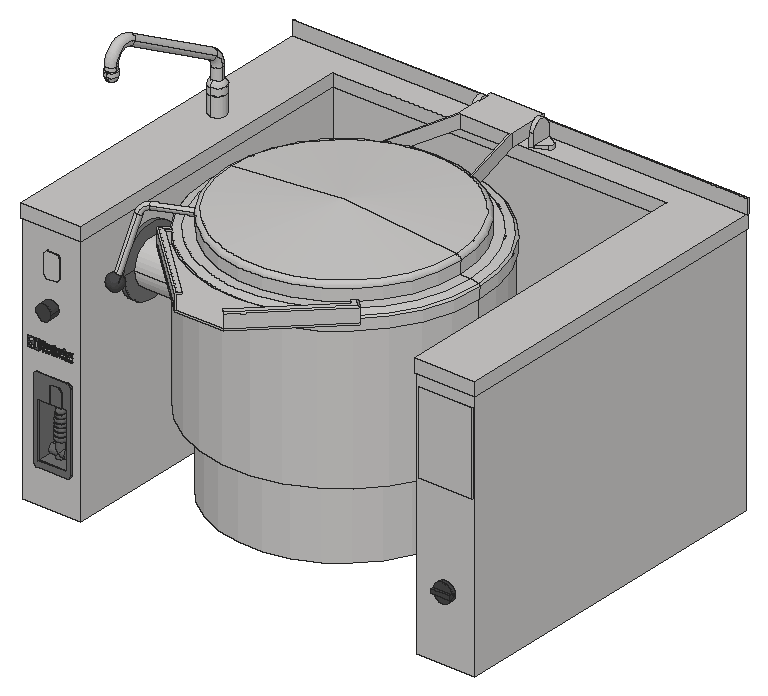
Revit family "QF_ELECTROLUXPROFESSIONAL_586940_PBOT10ELES", category Specialty Equipment, Revit 2018
Family settings
  Round Connector Dimension = Use Radius
  Part Type = Normal
  Work Plane-Based = No
  Always vertical = Yes
  Cut with Voids When Loaded = No
  Shared = Yes
  Room Calculation Point = No
Parameters (values of type "Standard")
  Weight = 180.00 kg
  Watts = 0 W
  Volts = 400 V
  URL Manufacturer = "http://professional.electrolux.com"
  URL = "http://professional.electrolux.com"
  Tilt Clearance [instance] = 1124 mm
  Steam Supply Size = 0"
  Steam Supply Minimum Pressure = 0.00 psi
  Steam Supply Maximum Pressure = 0.00 psi
  Steam Pounds per Hour = 0
  Show Logo [instance] = yes
  Refrigeration Suction Line Size = 0"
  Refrigeration Liquid Line Size = 0"
  Refrigerant Compressor Remote = yes
  Plinth Base Finish [instance] = QF_Finishes_Concrete
  Plinth Base [instance] = not(Base Height = 500 mm)  # yes
  Phase = 3
  Length Actual = 1200 mm  # constant formula
  Item Number = "586940"
  Hot Water Size = 1/2"
  Height Actual = 700 mm  # constant formula
  HP = "24.4 HP"
  Gas Size = 0"
  Gas KW = 0
  Gas Input Pressure = 0.0 Btu/h
  Direct Waste Size = 0"
  Depth Actual = 900 mm  # constant formula
  Cycle = 50 Hz
  Condensate Return Size = 0"
  Compressed Air Volume = 0 GPM
  Compressed Air Size = 0"
  Compressed Air Pressure = 0.00 psi
  Cold Water Size = 1/2"
  Assembly Code = ""
  Open Clearance [instance] = 856 mm
  Model = "PBOT10ELES"
  Manufacturer = "Electrolux Professional"
  Description = "EL. BOILING PAN,TILTING,AUTO H/C WATER FILL INLET,SPRAY GUN, 100L,H700,BS,FS,D900,REAR CLS KIT,GUID.COOK.S"
  Bracket [instance] = Base Height = 500 mm  # no
  Body Finish [instance] = QF_Finishes_Stainless Steel
  Base Height = 200 mm
  Show Clearance [instance] = yes
  Accessory = yes
Reference planes
  plane 1 "BACK": y = 100
  plane 2: z = 0
  plane 3 "LEFT": x = 0
  plane 4 "RIGHT": x = 1200
  plane 5 "FRONT": y = -800
  plane 6 "TOP": z = 900
  plane 7: z = 200
  plane 8 "Center": x = 600
  plane 9: z = 1756
  plane 10: y = -960
  plane 11 "Vessel X axis": y = -483
  plane 12: x = 280
  plane 13: y = -580
  plane 14: x = 280
  plane 15: through (0, 114.006, 947.95) normal (0, 0.281, -0.9597)
  plane 16: z = 505
  plane 17 "Top Level": z = 981
  plane 18: y = -1024
Forms (mm)
  Extrusion 1, solid, material "QF_Finishes_Stainless Steel" <- "Body Finish"
    sketch origin (0, 0, 900) x (-1, 0, 0) y (0, -1, 0)
      loop
        line (0, -100) -> (0, 800) -> (-160, 800) -> (-160, -31.55) -> (-1040, -31.55) -> (-1040, 800) -> (-1200, 800) -> (-1200, -100) -> (0, -100)
    from -35 to 0
  Extrusion 2, solid, material "QF_Finishes_Stainless Steel" <- "Body Finish"
    sketch origin (0, 0, 900) x (-1, 0, 0) y (0, -1, 0)
      loop
        line (-535, 960) -> (-665, 960) -> (-868.236, 765.434) -> (-847.007, 744.205)
        arc (-847.007, 744.205) -> (-600, 842.5) -> (-352.993, 744.205) r 359.5
        line (-352.993, 744.205) -> (-331.764, 765.434) -> (-535, 960)
    from 1.223 to 5.898
  Revolve 3, solid, material "QF_Finishes_Stainless Steel" <- "Body Finish"
    sketch origin (0, 50.89, 727.5) x (-1, 0, 0) y (0, -1, 0)
      loop
        line (-170, 573.89) -> (-170, 540.89) -> (-157, 540.89) -> (-157, 630.89) -> (-1043, 630.89) -> (-1043, 540.89) -> (-1030, 540.89) -> (-1030, 573.89) -> (-170, 573.89)
      axis (-1043, 630.89) -> (-157, 630.89)
    angle from 0 to 360
  Extrusion 4, solid, material "QF_Finishes_Stainless Steel" <- "Body Finish"
    sketch origin (0, 100, 0) x (1, 0, 0) y (0, 0, 1)
      loop
        circle (1120, 450) r 10
    from 3 to 0
  Extrusion 5, solid, material "QF_Finishes_Stainless Steel" <- "Body Finish"
    sketch origin (600, 0, 0) x (0, 1, 0) y (0, 0, 1)
      loop
        line (89, 900) -> (89, 935.1)
        arc (89, 935.1) -> (65, 959.1) -> (41, 935.1) r 24
        line (41, 935.1) -> (41, 900) -> (89, 900)
    from 69.2 to 82.1
  Revolve 6, solid, material "QF_Finishes_Stainless Steel" <- "Body Finish"
    sketch origin (0, -483, 0) x (-1, 0, 0) y (0, 0, 1)
      loop
        line (-600, 981) -> (-600, 912.336) -> (-291.999, 912.336) -> (-291.999, 943.013)
        arc (-291.999, 943.013) -> (-295.325, 951.663) -> (-303.589, 955.857) r 12.912
        arc (-303.589, 955.857) -> (-451.457, 972.404) -> (-600, 981) r 2774.321
      axis (-600, 981) -> (-600, 912.336)
    angle from 0 to 360
  Sweep 7, solid, material "QF_Finishes_Stainless Steel" <- "Body Finish"
    path in 3D
      loop
        line (665, -960, 905.898) -> (868.236, -765.434, 905.898) -> (847.007, -744.205, 905.898)
    profile origin (766.618, -862.717, 905.898) x (-0.691532, 0.722346, 0) y (0, 0, 1)
      loop
        line (0, 0) -> (2.5, 0) -> (2.5, 35.781)
        arc (2.5, 35.781) -> (3.003, 36.997) -> (4.219, 37.5) r 1.719
        line (4.219, 37.5) -> (15.312, 37.5) -> (15.312, 40) -> (4.052, 40)
        arc (4.052, 40) -> (1.187, 38.813) -> (0, 35.948) r 4.052
        line (0, 35.948) -> (0, 0)
  Extrusion 8, solid, material "QF_Finishes_Stainless Steel" <- "Body Finish"
    sketch origin (0, 100, 0) x (1, 0, 0) y (0, 0, 1)
      loop
        line (157, 865) -> (157, 500) -> (1043, 500) -> (1043, 865) -> (157, 865)
    from 3 to 65.418
  Extrusion 9, solid, material "QF_Finishes_Stainless Steel" <- "Body Finish"
    sketch origin (600, 0, 0) x (0, 1, 0) y (0, 0, 1)
      loop
        line (89, 900) -> (89, 935.1)
        arc (89, 935.1) -> (65, 959.1) -> (41, 935.1) r 24
        line (41, 935.1) -> (41, 900) -> (89, 900)
    from -82.1 to -69.2
  Extrusion 10, solid, material "QF_Finishes_Stainless Steel" <- "Body Finish"
    sketch origin (600, -4572, 981) x (0, -1, 0) y (-1, 0, 0)
      loop
        line (-4551, 64.871) -> (-4315.558, 127.227) -> (-4309.255, 132.754) -> (-4555.565, 69.2) -> (-4661, 69.2) -> (-4661, -69.2) -> (-4555.565, -69.2) -> (-4309.255, -132.754) -> (-4315.558, -127.227) -> (-4551, -64.871) -> (-4551, 64.871)
    from 25.143 to 59.002
  Sweep 11, solid, material "QF_Finishes_Stainless Steel" <- "Body Finish"
    path in 3D
      loop
        line (352.993, -744.205, 905.898) -> (331.764, -765.434, 905.898) -> (535, -960, 905.898)
    profile origin (433.382, -862.717, 905.898) x (0.691532, 0.722346, 0) y (0, 0, 1)
      loop
        line (0, 0) -> (2.5, 0) -> (2.5, 35.781)
        arc (2.5, 35.781) -> (3.003, 36.997) -> (4.219, 37.5) r 1.719
        line (4.219, 37.5) -> (15.313, 37.5) -> (15.313, 40) -> (4.052, 40)
        arc (4.052, 40) -> (1.187, 38.813) -> (0, 35.948) r 4.052
        line (0, 35.948) -> (0, 0)
  Extrusion 12, solid, material "QF_Finishes_Stainless Steel" <- "Body Finish"
    sketch origin (0, 0, 900) x (-1, 0, 0) y (0, -1, 0)
      loop
        arc (-708.472, -55.346) -> (-714.2, -65) -> (-708.472, -74.654) r 11
        line (-708.472, -74.654) -> (-682.1, -89.055) -> (-682.1, -40.945) -> (-708.472, -55.346)
      loop
        line (-491.528, -55.346) -> (-517.9, -40.945) -> (-517.9, -89.055) -> (-491.528, -74.654)
        arc (-491.528, -74.654) -> (-485.8, -65) -> (-491.528, -55.346) r 11
    from 0 to 8
  Revolve 13, solid, material "QF_Finishes_Stainless Steel" <- "Body Finish"
    sketch origin (0, -483, 0) x (-1, 0, 0) y (0, 0, 1)
      loop
        line (-600, 910.898) -> (-600, 280.154)
        arc (-600, 280.154) -> (-445.668, 285.184) -> (-291.5, 293.903) r 6458.267
        line (-291.5, 293.903) -> (-291.5, 495) -> (-245.5, 495) -> (-245.5, 870.866) -> (-240.5, 870.866) -> (-240.5, 899.23) -> (-244.882, 905.093) -> (-265.728, 910.898) -> (-600, 910.898)
      axis (-600, 910.898) -> (-600, 280.154)
    angle from 0 to 360
  Extrusion 14, solid, material "QF_Finishes_Stainless Steel" <- "Body Finish"
    sketch origin (1100, -797, 0) x (-1, 0, 0) y (0, 0, -1)
      loop
        line (50, -833.989) -> (50, -618.989) -> (-91.535, -618.989) -> (-91.535, -833.989) -> (50, -833.989)
      loop
        line (1029.661, -812.084) -> (1036.975, -804.77) -> (1036.975, -754.399) -> (1029.661, -747.084) -> (1004.29, -747.084) -> (996.975, -754.399) -> (996.975, -804.77) -> (1004.29, -812.084) -> (1029.661, -812.084)
    from 0 to 3
  Extrusion 15, solid, material "QF_Finishes_Black"
    sketch origin (1200, -797, -30) x (-1, 0, 0) y (0, 0, -1)
      loop
        circle (80.286, -405.28) r 25
    from 0 to 10.306
  Extrusion 16, solid, material "QF_Finishes_Black"
    sketch origin (1200, -797, -30) x (-1, 0, 0) y (0, 0, -1)
      loop
        arc (104.667, -410.806) -> (105.286, -405.28) -> (104.667, -399.753) r 25
        line (104.667, -399.753) -> (55.904, -399.753)
        arc (55.904, -399.753) -> (55.286, -405.28) -> (55.904, -410.806) r 25
        line (55.904, -410.806) -> (104.667, -410.806)
    from 0 to 18.276
  Extrusion 17, solid, material "QF_Finishes_Black"
    sketch origin (160, -797, 0) x (-1, 0, 0) y (0, 0, -1)
      loop
        circle (80.781, -678.5) r 20
    from 0 to 25
  Extrusion 18, solid, material "QF_Finishes_Stainless Steel" <- "Body Finish", visible <- "Bracket"
    sketch origin (0, 37, -14) x (0, 1, 0) y (0, 0, 1)
      loop
        line (60, 514) -> (-140, 514) -> (-140, 450) -> (-76.36, 386.36) -> (60, 386.36) -> (60, 514)
    from 25.741 to 134.773
  Extrusion 19, solid, material "QF_Finishes_Stainless Steel" <- "Body Finish", visible <- "Bracket"
    sketch origin (1200, 0, 0) x (0, 1, 0) y (0, 0, 1)
      loop
        line (97, 372.36) -> (97, 500) -> (-103, 500) -> (-103, 436) -> (-39.36, 372.36) -> (97, 372.36)
    from -133.886 to -23.363
  Extrusion 20, solid, material "QF_Finishes_Stainless Steel" <- "Body Finish"
    sketch origin (0, 100, 0) x (1, 0, 0) y (0, 0, 1)
      loop
        circle (50, 395) r 10
      loop
        circle (110.571, 395) r 10
    from 3 to 0
  Revolve 21, solid, material "QF_Finishes_Clearance", visible <- "Show Clearance", detail levels coarse
    sketch origin (600, 10.879, 0.726) x (0, 0.999996, 0.002845) y (0, -0.002845, 0.999996)
      loop
        line (-92.205, 1448.437) -> (-181.256, 1755.797) -> (-205.268, 1748.84) -> (-116.218, 1441.48) -> (-92.205, 1448.437)
      axis (-92.205, 1448.437) -> (-116.218, 1441.48)
    angle from 0 to 360
  Extrusion 22, solid, material "QF_Finishes_Stainless Steel" <- "Body Finish"
    sketch origin (0, 0, 0) x (1, 0, 0) y (0, 1, 0)
      loop
        line (157, 97) -> (3, 97) -> (3, -797) -> (157, -797) -> (157, 97)
      loop
        line (1197, 97) -> (1043, 97) -> (1043, -797) -> (1197, -797) -> (1197, 97)
    from 200 to 865
  Extrusion 23, solid, material "Navy Blue", visible <- "Show Logo"
    sketch origin (160, -797, 0) x (-1, 0, 0) y (0, 0, -1)
      loop
        line (101.332, -593.18) -> (109.793, -593.18) -> (109.793, -583.327)
        arc (109.793, -583.327) -> (108.679, -580.639) -> (105.991, -579.525) r 3.802
        line (105.991, -579.525) -> (101.168, -579.525) -> (101.168, -581.736) -> (105.441, -581.736)
        arc (105.441, -581.736) -> (106.845, -582.21) -> (107.442, -583.566) r 1.838
        line (107.442, -583.566) -> (107.442, -585.52) -> (101.698, -585.52) -> (101.698, -587.738) -> (107.442, -587.738) -> (107.442, -590.968) -> (101.332, -590.968) -> (101.332, -593.18)
      loop
        line (99.498, -593.18) -> (99.498, -579.525) -> (97.146, -579.525) -> (97.146, -593.18) -> (99.498, -593.18)
      loop
        line (48.417, -593.18) -> (48.417, -579.525) -> (46.064, -579.525) -> (46.064, -593.18) -> (48.417, -593.18)
      loop
        line (93.257, -583.886) -> (85.539, -583.886)
        arc (85.539, -583.886) -> (86.746, -588.126) -> (90.874, -589.672) r 4.89
        arc (90.874, -589.672) -> (94.51, -587.828) -> (95.548, -583.886) r 4.976
        arc (95.548, -583.886) -> (94.182, -580.589) -> (90.886, -579.224) r 4.662
        arc (90.886, -579.224) -> (88.32, -579.602) -> (86.169, -581.05) r 5.86
        line (86.169, -581.05) -> (87.562, -582.444)
        arc (87.562, -582.444) -> (89.391, -581.347) -> (91.516, -581.531) r 3.458
        arc (91.516, -581.531) -> (92.812, -582.394) -> (93.257, -583.886) r 2.29
      loop
        line (93.198, -585.539) -> (87.902, -585.539)
        arc (87.902, -585.539) -> (88.645, -587.103) -> (90.278, -587.679) r 2.256
        arc (90.278, -587.679) -> (92.162, -587.188) -> (93.198, -585.539) r 2.64
      loop
        line (76.371, -586.524) -> (74.894, -588)
        arc (74.894, -588) -> (76.746, -589.341) -> (78.997, -589.742) r 5.117
        arc (78.997, -589.742) -> (82.429, -588.487) -> (84.231, -585.308) r 5.293
        arc (84.231, -585.308) -> (81.194, -579.733) -> (74.977, -581.018) r 5.33
        line (74.977, -581.018) -> (76.446, -582.487)
        arc (76.446, -582.487) -> (79.616, -581.438) -> (81.887, -583.886) r 3.088
        arc (81.887, -583.886) -> (81.729, -585.821) -> (80.396, -587.234) r 2.933
        arc (80.396, -587.234) -> (78.264, -587.559) -> (76.371, -586.524) r 3.369
      loop
        line (73.45, -593.18) -> (73.45, -583.849)
        arc (73.45, -583.849) -> (73.246, -582.449) -> (72.722, -581.135) r 6.031
        arc (72.722, -581.135) -> (71.044, -579.8) -> (68.918, -579.519) r 4.018
        line (68.918, -579.519) -> (68.918, -581.723)
        arc (68.918, -581.723) -> (69.55, -581.771) -> (70.139, -582.005) r 2.118
        arc (70.139, -582.005) -> (70.895, -582.804) -> (71.098, -583.886) r 1.949
        line (71.098, -583.886) -> (71.098, -587.265) -> (68.962, -587.265) -> (68.962, -589.401) -> (71.098, -589.401) -> (71.098, -593.18) -> (73.45, -593.18)
      loop
        arc (64.65, -584.717) -> (64.482, -585.701) -> (63.997, -586.574) r 2.967
        arc (63.997, -586.574) -> (62.588, -587.297) -> (61.004, -587.265) r 3.231
        line (61.004, -587.265) -> (61.004, -589.525)
        arc (61.004, -589.525) -> (63.073, -589.33) -> (64.65, -587.977) r 3.432
        line (64.65, -587.977) -> (64.65, -589.401) -> (66.983, -589.401) -> (66.983, -579.525) -> (64.65, -579.525) -> (64.65, -584.717)
      loop
        circle (55.254, -584.461) r 5.233
      loop
        circle (55.254, -584.461) r 3.172
      loop
        arc (37.582, -583.638) -> (38.162, -582.041) -> (39.738, -581.405) r 2.088
        arc (39.738, -581.405) -> (41.313, -582.041) -> (41.894, -583.638) r 2.088
        line (41.894, -583.638) -> (41.894, -589.401) -> (44.266, -589.401) -> (44.266, -583.442)
        arc (44.266, -583.442) -> (42.916, -580.365) -> (39.738, -579.275) r 4.181
        arc (39.738, -579.275) -> (36.524, -580.398) -> (35.211, -583.539) r 4.181
        line (35.211, -583.539) -> (35.211, -589.401) -> (37.582, -589.401) -> (37.582, -583.638)
      loop
        line (33.789, -589.401) -> (30.374, -584.764) -> (34.126, -579.522) -> (31.598, -579.522) -> (29.107, -583.001) -> (26.58, -579.522) -> (24.068, -579.522) -> (27.767, -584.817) -> (24.385, -589.401) -> (26.952, -589.401) -> (29.115, -586.469) -> (31.245, -589.401) -> (33.789, -589.401)
      loop
        line (108.47, -573.865) -> (110.346, -573.865) -> (110.346, -569.143) -> (109.319, -569.143) -> (109.319, -570.769) -> (108.185, -570.769)
        arc (108.185, -570.769) -> (106.916, -572.447) -> (108.47, -573.865) r 1.561
      loop
        arc (108.23, -571.697) -> (107.841, -572.304) -> (108.23, -572.911) r 0.668
        line (108.23, -572.911) -> (109.319, -572.911) -> (109.319, -571.697) -> (108.23, -571.697)
      loop
        line (101.061, -573.865) -> (102.968, -573.865) -> (102.968, -569.143) -> (101.942, -569.143) -> (101.942, -570.769) -> (100.949, -570.769) -> (100.27, -569.143) -> (99.168, -569.143) -> (100.097, -571.134)
        arc (100.097, -571.134) -> (99.652, -571.665) -> (99.502, -572.343) r 1.458
        arc (99.502, -572.343) -> (99.971, -573.421) -> (101.061, -573.865) r 1.559
      loop
        line (101.942, -572.911) -> (101.942, -571.697) -> (100.852, -571.697)
        arc (100.852, -571.697) -> (100.464, -572.304) -> (100.852, -572.911) r 0.668
        line (100.852, -572.911) -> (101.942, -572.911)
      loop
        circle (93.139, -571.504) r 2.453
      loop
        circle (93.139, -571.504) r 1.557
      loop
        line (86.655, -573.865) -> (86.655, -569.143) -> (85.654, -569.143) -> (85.654, -570.793) -> (83.876, -570.793) -> (83.876, -571.851) -> (85.654, -571.851) -> (85.654, -572.847) -> (83.706, -572.847) -> (83.706, -573.865) -> (86.655, -573.865)
      loop
        line (79.724, -573.865) -> (79.724, -570.677)
        arc (79.724, -570.677) -> (79.288, -569.596) -> (78.213, -569.146) r 1.51
        line (78.213, -569.146) -> (76.689, -569.146) -> (76.689, -570.038) -> (78.122, -570.038)
        arc (78.122, -570.038) -> (78.65, -570.475) -> (78.753, -571.151) r 0.961
        line (78.753, -571.151) -> (76.866, -571.151) -> (76.866, -572.043) -> (78.753, -572.043) -> (78.753, -572.973) -> (76.735, -572.973) -> (76.735, -573.865) -> (79.724, -573.865)
      loop
        arc (62.624, -573.267) -> (63.249, -573.78) -> (64.041, -573.943) r 1.69
        arc (64.041, -573.943) -> (64.773, -573.764) -> (65.374, -573.31) r 1.872
        arc (65.374, -573.31) -> (65.486, -572.238) -> (64.794, -571.411) r 1.385
        arc (64.794, -571.411) -> (64.212, -571.217) -> (63.66, -570.95) r 4.78
        arc (63.66, -570.95) -> (63.312, -570.539) -> (63.552, -570.057) r 0.489
        arc (63.552, -570.057) -> (63.998, -569.952) -> (64.442, -570.065) r 0.963
        arc (64.442, -570.065) -> (64.826, -570.341) -> (65.061, -570.752) r 1.118
        line (65.061, -570.752) -> (65.887, -570.367)
        arc (65.887, -570.367) -> (65.589, -569.793) -> (65.11, -569.36) r 1.815
        arc (65.11, -569.36) -> (64.566, -569.127) -> (63.978, -569.068) r 1.957
        arc (63.978, -569.068) -> (63.25, -569.213) -> (62.595, -569.561) r 2.556
        arc (62.595, -569.561) -> (62.305, -570.331) -> (62.455, -571.139) r 1.535
        arc (62.455, -571.139) -> (62.778, -571.512) -> (63.19, -571.781) r 1.779
        arc (63.19, -571.781) -> (63.712, -572.014) -> (64.248, -572.215) r 9.371
        arc (64.248, -572.215) -> (64.557, -572.696) -> (64.11, -573.053) r 0.427
        arc (64.11, -573.053) -> (63.575, -572.924) -> (63.163, -572.558) r 1.135
        line (63.163, -572.558) -> (62.624, -573.267)
      loop
        line (58.291, -573.865) -> (58.291, -569.146) -> (57.321, -569.146) -> (57.321, -573.865) -> (58.291, -573.865)
      loop
        circle (50.779, -571.506) r 1.468
      loop
        circle (50.779, -571.506) r 2.451
      loop
        line (44.27, -569.146) -> (43.289, -569.146) -> (43.289, -572.113) -> (41.131, -569.146) -> (40.187, -569.146) -> (40.187, -573.865) -> (41.168, -573.865) -> (41.168, -570.808) -> (43.326, -573.865) -> (44.27, -573.865) -> (44.27, -569.146)
      loop
        line (35.295, -569.146) -> (34.836, -570.164) -> (33.09, -570.164) -> (32.631, -569.146) -> (31.588, -569.146) -> (33.581, -573.865) -> (34.491, -573.865) -> (36.337, -569.146) -> (35.295, -569.146)
      loop
        line (33.526, -571.132) -> (33.993, -572.169) -> (34.447, -571.132) -> (33.526, -571.132)
      loop
        line (26.769, -570.038) -> (26.769, -573.865) -> (27.739, -573.865) -> (27.739, -569.146) -> (24.954, -569.146) -> (24.954, -570.038) -> (26.769, -570.038)
      loop
        arc (69.698, -573.267) -> (70.324, -573.78) -> (71.116, -573.943) r 1.69
        arc (71.116, -573.943) -> (71.847, -573.764) -> (72.449, -573.31) r 1.872
        arc (72.449, -573.31) -> (72.56, -572.238) -> (71.868, -571.411) r 1.385
        arc (71.868, -571.411) -> (71.287, -571.217) -> (70.735, -570.95) r 4.78
        arc (70.735, -570.95) -> (70.386, -570.539) -> (70.627, -570.057) r 0.489
        arc (70.627, -570.057) -> (71.073, -569.952) -> (71.517, -570.065) r 0.963
        arc (71.517, -570.065) -> (71.901, -570.341) -> (72.136, -570.752) r 1.118
        line (72.136, -570.752) -> (72.961, -570.367)
        arc (72.961, -570.367) -> (72.664, -569.793) -> (72.184, -569.36) r 1.815
        arc (72.184, -569.36) -> (71.64, -569.127) -> (71.052, -569.068) r 1.957
        arc (71.052, -569.068) -> (70.325, -569.213) -> (69.669, -569.561) r 2.556
        arc (69.669, -569.561) -> (69.38, -570.331) -> (69.529, -571.139) r 1.535
        arc (69.529, -571.139) -> (69.852, -571.512) -> (70.265, -571.781) r 1.779
        arc (70.265, -571.781) -> (70.787, -572.014) -> (71.322, -572.215) r 9.371
        arc (71.322, -572.215) -> (71.632, -572.696) -> (71.185, -573.053) r 0.427
        arc (71.185, -573.053) -> (70.649, -572.924) -> (70.238, -572.558) r 1.135
        line (70.238, -572.558) -> (69.698, -573.267)
      loop
        line (124.467, -593.367) -> (124.467, -568.534)
        arc (124.467, -568.534) -> (115.287, -580.95) -> (124.467, -593.367) r 12.987
      loop
        arc (125.423, -593.446) -> (135.891, -591.227) -> (141.022, -581.837) r 12.809
        line (141.022, -581.837) -> (135.422, -581.837)
        arc (135.422, -581.837) -> (128.84, -585.012) -> (125.423, -591.472) r 11.707
        line (125.423, -591.472) -> (125.423, -593.446)
      loop
        arc (125.73, -570.332) -> (129.585, -577.251) -> (136.925, -580.23) r 11.93
        line (136.925, -580.23) -> (141.033, -580.23)
        arc (141.033, -580.23) -> (136.066, -570.804) -> (125.73, -568.215) r 13.06
        line (125.73, -568.215) -> (125.73, -570.332)
      loop
        line (141.976, -594.722) -> (141.976, -567.122) -> (114.339, -567.122) -> (114.339, -594.722) -> (141.976, -594.722)
    from 0 to 0.697
  Extrusion 24, void
    sketch origin (0, -800, 0) x (1, 0, 0) y (0, 0, 1)
      loop
        line (125.4, 500.944) -> (43.4, 500.944) -> (43.4, 305.944) -> (125.4, 305.944) -> (125.4, 500.944)
    from 0 to -63
  Extrusion 25, solid, material "QF_Finishes_Stainless Steel"
    sketch origin (550, 0, 0) x (0, 1, 0) y (0, 0, 1)
      loop
        line (98, 937.998) -> (98, 900) -> (100, 900) -> (100, 937.998) -> (98, 937.998)
    from 650 to -550
Cuts and joins
  joined: Revolve 6, Extrusion 10
  Extrusion 24 cuts Extrusion 22
Lines and regions (mm)
  Split face 1
    outline origin (1100, -800, 0) x (-1, 0, 0) y (0, 0, -1)
      loop
        line (44.321, -826.533) -> (44.321, -691.533) -> (-84.715, -691.533) -> (-84.715, -826.533) -> (44.321, -826.533)
  Split face 2
    outline origin (1100, -800, 0) x (-1, 0, 0) y (0, 0, -1)
      loop
        line (44.321, -691.533) -> (44.321, -625.535) -> (-84.715, -625.535) -> (-84.715, -691.533) -> (44.321, -691.533)
  Split face 3
    outline origin (1100, -800, 0) x (-1, 0, 0) y (0, 0, -1)
      loop
        line (35.153, -818.972) -> (35.153, -698.972) -> (-73.882, -698.972) -> (-73.882, -818.972) -> (35.153, -818.972)
  Split face 4
    outline origin (1100, -800, 0) x (-1, 0, 0) y (0, 0, -1)
      loop
        line (1029.036, -812.084) -> (1036.35, -804.77) -> (1036.35, -754.399) -> (1029.036, -747.084) -> (1029.036, -812.084)
  Split face 5
    outline origin (-933.951, -800, 0) x (1, 0, 0) y (0, 0, 1)
      loop
        line (1029.036, 812.084) -> (1029.036, 747.084) -> (1036.35, 754.399) -> (1036.35, 804.77) -> (1029.036, 812.084)
  sketch lines
    curve 1: line (665, -960, 905.898) -> (868.236, -765.434, 905.898)
    curve 2: line (868.236, -765.434, 905.898) -> (847.007, -744.205, 905.898)
    curve 3: line (331.764, -765.434, 905.898) -> (535, -960, 905.898)
    curve 4: line (352.993, -744.205, 905.898) -> (331.764, -765.434, 905.898)
  symbolic lines
    curve 5: line (170, -490, 0) -> (160, -490, 0)
    curve 6: line (170, -490, 0) -> (170, -670, 0)
    curve 7: line (170, -670, 0) -> (160, -670, 0)
    curve 8: line (1030, -490, 0) -> (1040, -490, 0)
    curve 9: line (1030, -490, 0) -> (1030, -670, 0)
    curve 10: line (1030, -670, 0) -> (1040, -670, 0)
    curve 11: line (1030, -523.539, 0) -> (957.207, -523.539, 0)
    curve 12: line (1030, -636.461, 0) -> (925.1, -636.461, 0)
    curve 13: line (170, -523.539, 0) -> (242.793, -523.539, 0)
    curve 14: line (170, -636.461, 0) -> (274.9, -636.461, 0)
    curve 15: line (160, -800, 0) -> (160, 31.55, 0)
    curve 16: line (0, -800, 0) -> (160, -800, 0)
    curve 17: line (0, 100, 0) -> (0, -800, 0)
    curve 18: line (160, 31.55, 0) -> (530.8, 31.55, 0)
    curve 19: line (1200, 100, 0) -> (0, 100, 0)
    curve 20: line (1040, 31.55, 0) -> (1040, -800, 0)
    curve 21: line (1200, -800, 0) -> (1200, 100, 0)
    curve 22: line (1040, -800, 0) -> (1200, -800, 0)
    curve 23: circle (600, -483, 0) r 359.5 normal (0, 0, 1)
    curve 24: line (669.2, 31.55, 0) -> (1040, 31.55, 0)
    curve 25: line (545.589, -948.939, 0) -> (353.658, -765.195, 0)
    curve 26: line (353.658, -765.195, 0) -> (364.355, -754.499, 0)
    curve 27: line (535, -960, 0) -> (545.589, -948.939, 0)
    curve 28: line (665, -960, 0) -> (654.411, -948.939, 0)
    curve 29: line (846.342, -765.195, 0) -> (654.411, -948.939, 0)
    curve 30: line (835.645, -754.499, 0) -> (846.342, -765.195, 0)
    curve 39: line (0, 98, 0) -> (1200, 98, 0)
  model lines, style "QF-Clearances", visible <- "Show Clearance", detail levels coarse
    curve 31: arc (600, -960, 954.089) -> (600, -1008.605, 614.371) -> (600, -800, 341.874) r 443
  symbolic lines, style "QF-Clearances", visible <- "Show Clearance", detail levels coarse
    curve 32: line (350, -450, 0) -> (850, -450, 0)
    curve 33: line (350, -1650, 0) -> (350, -450, 0)
    curve 34: line (850, -1650, 0) -> (350, -1650, 0)
    curve 35: line (850, -450, 0) -> (850, -1650, 0)
    curve 36: line (650, -1650, 0) -> (850, -1050, 0)
    curve 37: line (550, -1650, 0) -> (350, -1050, 0)
    curve 38: circle (600, -1600, 0) r 25 normal (0, 0, 1)
Dimensions and locks
  plane 3 "LEFT" to plane 4 "RIGHT" = 1200 mm
  plane 4 "RIGHT" to plane 3 "LEFT" = 1200 mm
  plane 1 "BACK" to plane 5 "FRONT" = 900 mm
  plane 5 "FRONT" to plane 1 "BACK" = 900 mm
  "Base Height": plane 7 to level
  equal spacing: plane 3 "LEFT", plane 8 "Center", plane 4 "RIGHT"
  "Open Clearance": plane 9 to plane 6 "TOP"
  locked: Extrusion 8 sketch curve to Extrusion 8 sketch curve at 365
  plane 4 "RIGHT" to Extrusion 4 sketch curve = 80 mm
  plane 6 "TOP" to Extrusion 4 sketch curve = 450 mm
  locked: Extrusion 2 sketch curve to Extrusion 2 sketch curve at 30.022  (x2)
  equal spacing: Extrusion 10 sketch curve, plane 8 "Center", Extrusion 10 sketch curve
  locked: Extrusion 10 sketch curve to Extrusion 10 sketch curve at 138.4
  Extrusion 10 sketch curve to Extrusion 10 sketch curve to plane 1 "BACK" = 110 mm locked, 11 mm locked
  plane 11 "Vessel X axis" to Revolve 3 sketch curve = 97 mm
  Revolve 3 sketch curve to Revolve 3 sketch curve to Revolve 3 sketch curve to Revolve 3 sketch curve = 33 mm locked, 57 mm locked, 0 mm locked
  plane 11 "Vessel X axis" to plane 13 = 97 mm
  equal spacing: curve 5, plane 13, curve 7
  locked: curve 5 to curve 7 at 180
  equal spacing: curve 11, plane 13, curve 12
  locked: curve 11 to curve 12 at 112.922
  plane 14 to plane 8 "Center" = 320 mm
  Revolve 13 sketch curve to Revolve 13 sketch curve to Revolve 13 sketch curve to Revolve 13 sketch curve to plane 14 = 4.382 mm locked, 0.618 mm locked, 20.228 mm locked, 14.272 mm locked
  plane 12 to plane 8 "Center" = 320 mm
  Revolve 6 sketch curve to Revolve 6 sketch curve to plane 12 = 11.59 mm locked, 11.999 mm locked
  Extrusion 16 sketch curve to Extrusion 16 sketch curve = 11.053 mm
  Extrusion 18 sketch curve to Extrusion 18 sketch curve to Extrusion 18 sketch curve = 64 mm locked, 63.64 mm locked
  Extrusion 19 sketch curve to Extrusion 19 sketch curve to Extrusion 19 sketch curve = 64 mm locked, 63.64 mm locked
  plane 6 "TOP" to Extrusion 14 sketch curve to Extrusion 14 sketch curve = 66.011 mm locked, 215 mm locked
  plane 6 "TOP" to Extrusion 14 sketch curve to Extrusion 14 sketch curve to Extrusion 14 sketch curve to Extrusion 14 sketch curve = 87.916 mm locked, 7.315 mm locked, 50.371 mm, 7.315 mm locked
  plane 6 "TOP" to level = 900 mm
  locked: level to Extrusion 18 sketch curve at 372.36
  locked: Extrusion 19 sketch curve to level at 372.36
  locked: Extrusion 15 sketch curve to level at 375.28
  locked: Extrusion 16 sketch curve to level at 369.753
  locked: Extrusion 20 sketch curve to level at 395
  Extrusion 10 sketch curve to Extrusion 10 sketch curve to plane 11 "Vessel X axis" = 6.303 mm, 220.255 mm
  Extrusion 10 sketch curve to Extrusion 10 sketch curve to plane 11 "Vessel X axis" = 6.303 mm locked, 220.255 mm locked
  Revolve 21 sketch curve to Revolve 21 sketch curve = 320 mm
  locked: Extrusion 1 to Revolve 21 sketch curve at 23.726
  plane 11 "Vessel X axis" to plane 1 "BACK" = 583 mm
  plane 10 to plane 1 "BACK" = 1060 mm
  plane 16 to Revolve 13 sketch curve to Revolve 13 sketch curve to Revolve 13 sketch curve = 10 mm locked, 201.097 mm locked, 13.748 mm locked
  plane 17 "Top Level" to Revolve 6 sketch curve to Revolve 6 sketch curve to Revolve 6 sketch curve = 25.143 mm locked, 12.844 mm locked, 30.677 mm locked
  plane 17 "Top Level" to Revolve 13 sketch curve to Revolve 13 sketch curve to Revolve 13 sketch curve to Revolve 13 sketch curve = 70.102 mm locked, 5.805 mm locked, 5.863 mm locked, 28.364 mm locked
  plane 6 "TOP" to plane 16 = 395 mm
  plane 17 "Top Level" to nested 1 = 45.299 mm
  plane 17 "Top Level" to Extrusion 2 to Extrusion 2 = 75.102 mm locked, 4.675 mm locked
  plane 17 "Top Level" to plane 6 "TOP" = 81 mm
  locked: Extrusion 5 sketch curve to plane 17 "Top Level" at 45.9
  locked: Extrusion 9 sketch curve to plane 17 "Top Level" at 45.9
  plane 11 "Vessel X axis" to nested 1 = 320 mm
  "Tilt Clearance": plane 18 to plane 1 "BACK"
  locked: curve 31 to plane 17 "Top Level" at 26.911
  locked: curve 32 to plane 1 "BACK" at 550
  locked: curve 34 to plane 1 "BACK" at 1750
  locked: curve 33 to curve 35 at 500
  equal spacing: curve 33, plane 8 "Center", curve 35
  angle plane 9 to Revolve 21 sketch curve = 16.3208°
  aligned and locked: level to plane 2
  aligned and locked: Extrusion 8 to Extrusion 1
  aligned and locked: plane 10 to Extrusion 2 sketch curve
  aligned and locked: plane 8 "Center" to Revolve 6 sketch curve  (x2)
  aligned and locked: Revolve 3 sketch curve to Revolve 3 sketch curve
  aligned and locked: Revolve 3 to Revolve 3  (x2)
  aligned and locked: curve 15 to Extrusion 1
  aligned and locked: curve 6 to Revolve 3
  aligned and locked: curve 20 to Extrusion 1
  aligned and locked: curve 9 to Revolve 3
  aligned and locked: curve 12 to curve 14
  aligned and locked: curve 11 to curve 13
  aligned and locked: curve 5 to curve 8
  aligned and locked: curve 7 to curve 10
  aligned and locked: curve 23 to Revolve 13
  aligned and locked: Extrusion 2 sketch curve to Revolve 13
  aligned and locked: curve 25 to Sweep 11
  aligned and locked: curve 26 to Sweep 11
  aligned and locked: curve 27 to Sweep 11
  aligned and locked: curve 28 to Sweep 7
  aligned and locked: curve 29 to Sweep 7
  aligned and locked: curve 30 to Sweep 7
  aligned and locked: plane 17 "Top Level" to Revolve 6 sketch curve
  aligned and locked: plane 5 "FRONT" to curve 31
  aligned and locked: plane 10 to curve 31
Automatic sketch dimensions
  plane 1 "BACK" to curve 17 = 0 mm
  curve 17 to plane 3 "LEFT" = 0 mm
  plane 10 to curve 27 = 0 mm
  curve 38 to plane 8 "Center" = 0 mm
  plane 10 to curve 28 = 0 mm
  curve 19 to plane 4 "RIGHT" = 0 mm
  plane 5 "FRONT" to curve 22 = 0 mm
  plane 5 "FRONT" to curve 17 = 0 mm
  curve 36 to curve 38 = 50 mm
  plane 1 "BACK" to curve 18 = 68.45 mm
  plane 1 "BACK" to curve 20 = 68.45 mm
  curve 18 to plane 8 "Center" = 69.2 mm
  curve 37 to plane 8 "Center" = 50 mm
  plane 8 "Center" to curve 36 = 50 mm
  plane 8 "Center" to curve 24 = 69.2 mm
  plane 18 to curve 37 = 26 mm
  plane 18 to curve 36 = 26 mm
  curve 31 to plane 13 = 0 mm
  curve 31 to plane 6 "TOP" = 173.615 mm
  Extrusion 1 sketch curve to plane 4 "RIGHT" = 0 mm
  plane 5 "FRONT" to Extrusion 1 sketch curve = 0 mm  (x2)
  Extrusion 1 sketch curve to plane 3 "LEFT" = 0 mm
  plane 1 "BACK" to Extrusion 1 sketch curve = 0 mm
  Extrusion 1 sketch curve to plane 4 "RIGHT" = 160 mm
  plane 1 "BACK" to Extrusion 1 sketch curve = 68.45 mm
  plane 3 "LEFT" to Extrusion 1 sketch curve = 160 mm
  plane 8 "Center" to Extrusion 2 sketch curve = 65 mm
  Extrusion 2 sketch curve to plane 5 "FRONT" = 55.795 mm  (x2)
  Extrusion 2 sketch curve to plane 5 "FRONT" = 34.566 mm  (x2)
  Extrusion 2 sketch curve to plane 8 "Center" = 65 mm
  Revolve 3 sketch curve to plane 4 "RIGHT" = 157 mm
  Revolve 3 sketch curve to Revolve 3 sketch curve = 13 mm  (x2)
  plane 3 "LEFT" to Revolve 3 sketch curve = 170 mm
  Revolve 3 sketch curve to Revolve 3 sketch curve = 3 mm
  Revolve 3 sketch curve to Revolve 3 sketch curve = 27 mm
  Extrusion 5 sketch curve to plane 6 "TOP" = 0 mm
  plane 1 "BACK" to Extrusion 5 sketch curve = 59 mm
  Extrusion 5 sketch curve to Extrusion 5 sketch curve = 24 mm
  plane 8 "Center" to Revolve 6 sketch curve = 85.945 mm
  plane 7 to Revolve 6 sketch curve = 208.515 mm
  Revolve 6 sketch curve to plane 6 "TOP" = 21.485 mm
  Sweep 7 sketch curve to profile plane = 0 mm
  profile plane to Sweep 7 sketch curve = 0 mm
  Sweep 7 sketch curve to profile plane = 2.5 mm
  Sweep 7 sketch curve to profile plane = 4.052 mm
  Sweep 7 sketch curve to Sweep 7 sketch curve = 0.167 mm  (x2)
  Sweep 7 sketch curve to Sweep 7 sketch curve = 11.093 mm
  profile plane to Sweep 7 sketch curve = 35.781 mm
  plane 3 "LEFT" to Extrusion 8 sketch curve = 157 mm
  Extrusion 8 sketch curve to plane 4 "RIGHT" = 157 mm
  plane 7 to Extrusion 8 sketch curve = 300 mm
  Extrusion 9 sketch curve to plane 6 "TOP" = 0 mm
  plane 1 "BACK" to Extrusion 9 sketch curve = 59 mm
  Extrusion 9 sketch curve to Extrusion 9 sketch curve = 24 mm
  Extrusion 10 sketch curve to Extrusion 10 sketch curve = 4.565 mm  (x2)
  Extrusion 10 sketch curve to plane 8 "Center" = 127.227 mm
  Extrusion 10 sketch curve to Extrusion 10 sketch curve = 5.527 mm  (x2)
  Extrusion 10 sketch curve to Extrusion 10 sketch curve = 4.329 mm  (x2)
  plane 8 "Center" to Extrusion 10 sketch curve = 127.227 mm
  Sweep 11 sketch curve to profile plane = 0 mm  (x2)
  Sweep 11 sketch curve to Sweep 11 sketch curve = 2.5 mm
  Sweep 11 sketch curve to profile plane = 4.052 mm
  Sweep 11 sketch curve to Sweep 11 sketch curve = 0.167 mm  (x2)
  Sweep 11 sketch curve to Sweep 11 sketch curve = 11.093 mm
  profile plane to Sweep 11 sketch curve = 35.781 mm
  plane 1 "BACK" to Extrusion 12 sketch curve = 44.654 mm  (x2)
  plane 8 "Center" to Extrusion 12 sketch curve = 108.472 mm
  plane 1 "BACK" to Extrusion 12 sketch curve = 25.346 mm  (x2)
  Extrusion 12 sketch curve to Extrusion 12 sketch curve = 0 mm
  Extrusion 12 sketch curve to Extrusion 12 sketch curve = 5.272 mm  (x3)
  Extrusion 12 sketch curve to Extrusion 12 sketch curve = 26.372 mm
  plane 1 "BACK" to Extrusion 12 sketch curve = 10.945 mm  (x2)
  Extrusion 12 sketch curve to plane 8 "Center" = 82.1 mm
  Extrusion 12 sketch curve to Extrusion 12 sketch curve = 21.1 mm
  Extrusion 12 sketch curve to Extrusion 12 sketch curve = 14.4 mm  (x2)
  Revolve 13 sketch curve to plane 8 "Center" = 0 mm  (x2)
  plane 8 "Center" to Revolve 13 sketch curve = 133.193 mm
  Revolve 13 sketch curve to Revolve 13 sketch curve = 46 mm
  Revolve 13 sketch curve to Revolve 13 sketch curve = 10.857 mm
  Revolve 13 sketch curve to Revolve 13 sketch curve = 35 mm
  Extrusion 14 sketch curve to plane 4 "RIGHT" = 8.465 mm
  Extrusion 14 sketch curve to Extrusion 14 sketch curve = 141.535 mm
  plane 3 "LEFT" to Extrusion 14 sketch curve = 103.025 mm
  Extrusion 14 sketch curve to Extrusion 14 sketch curve = 7.315 mm  (x5)
  Extrusion 14 sketch curve to Extrusion 14 sketch curve = 25.371 mm  (x2)
  Split face 1 sketch curve to Extrusion 14 = 6.821 mm
  Split face 1 sketch curve to Extrusion 14 = 5.679 mm
  Split face 1 sketch curve to Extrusion 14 = 7.456 mm
  Extrusion 14 to Split face 1 sketch curve = 55.552 mm
  Split face 2 sketch curve to Extrusion 14 = 6.821 mm
  Split face 2 sketch curve to Extrusion 14 = 5.679 mm
  Extrusion 14 to Split face 2 sketch curve = 55.552 mm
  Split face 2 sketch curve to Extrusion 14 = 6.547 mm
  Extrusion 14 to Split face 3 sketch curve = 6.887 mm
  Split face 3 sketch curve to Extrusion 14 = 17.653 mm
  Split face 3 sketch curve to Extrusion 14 = 14.847 mm
  Extrusion 14 to Split face 3 sketch curve = 48.113 mm
  Split face 4 sketch curve to Extrusion 14 = 0 mm  (x2)
  Split face 4 sketch curve to Extrusion 14 = 7.94 mm
  Split face 4 sketch curve to Extrusion 14 = 0.625 mm
  Split face 4 sketch curve to Extrusion 14 = 7.315 mm  (x2)
  Split face 5 sketch curve to Extrusion 14 = 0 mm  (x2)
  Split face 5 sketch curve to Extrusion 14 = 7.94 mm
  Split face 5 sketch curve to Extrusion 14 = 0.625 mm
  Split face 5 sketch curve to Extrusion 14 = 7.315 mm  (x2)
  Extrusion 15 sketch curve to plane 4 "RIGHT" = 80.286 mm
  Extrusion 16 sketch curve to Extrusion 16 sketch curve = 0 mm  (x3)
  Extrusion 16 sketch curve to plane 4 "RIGHT" = 55.904 mm
  Extrusion 16 sketch curve to Extrusion 16 sketch curve = 24.382 mm  (x2)
  plane 3 "LEFT" to Extrusion 17 sketch curve = 79.219 mm
  Extrusion 17 sketch curve to plane 6 "TOP" = 221.5 mm
  plane 1 "BACK" to Extrusion 18 sketch curve = 203 mm
  Extrusion 18 sketch curve to Extrusion 18 sketch curve = 63.64 mm
  plane 1 "BACK" to Extrusion 18 sketch curve = 3 mm
  plane 1 "BACK" to Extrusion 19 sketch curve = 203 mm
  Extrusion 19 sketch curve to Extrusion 19 sketch curve = 63.64 mm
  plane 1 "BACK" to Extrusion 19 sketch curve = 3 mm
  plane 3 "LEFT" to Extrusion 20 sketch curve = 50 mm
  Extrusion 20 sketch curve to Extrusion 20 sketch curve = 60.571 mm
  Extrusion 20 sketch curve to Extrusion 20 sketch curve = 0 mm
  Revolve 21 sketch curve to plane 9 = 0 mm
  Revolve 21 sketch curve to Revolve 21 sketch curve = 24.012 mm
  Revolve 21 sketch curve to Revolve 21 sketch curve = 0 mm  (x4)
  plane 3 "LEFT" to Extrusion 22 sketch curve = 3 mm
  plane 1 "BACK" to Extrusion 22 sketch curve = 3 mm  (x2)
  Extrusion 22 sketch curve to Extrusion 22 sketch curve = 154 mm
  Extrusion 22 sketch curve to plane 4 "RIGHT" = 157 mm
  Extrusion 22 sketch curve to plane 5 "FRONT" = 3 mm  (x2)
  Extrusion 22 sketch curve to plane 4 "RIGHT" = 3 mm
  Extrusion 23 sketch curve to Extrusion 23 sketch curve = 0 mm  (x33)
  plane 3 "LEFT" to Extrusion 23 sketch curve = 135.932 mm
  Extrusion 23 sketch curve to Extrusion 23 sketch curve = 0.317 mm
  Extrusion 23 sketch curve to Extrusion 23 sketch curve = 0.886 mm
  Extrusion 23 sketch curve to Extrusion 23 sketch curve = 2.512 mm
  Extrusion 23 sketch curve to Extrusion 23 sketch curve = 1.815 mm
  Extrusion 23 sketch curve to Extrusion 23 sketch curve = 2.567 mm
  Extrusion 23 sketch curve to Extrusion 23 sketch curve = 0.97 mm  (x3)
  Extrusion 23 sketch curve to Extrusion 23 sketch curve = 0.815 mm  (x2)
  Extrusion 23 sketch curve to Extrusion 23 sketch curve = 1.341 mm
  Extrusion 23 sketch curve to Extrusion 23 sketch curve = 1.348 mm
  Extrusion 23 sketch curve to Extrusion 23 sketch curve = 1.259 mm
  Extrusion 23 sketch curve to Extrusion 23 sketch curve = 2.13 mm
  Extrusion 23 sketch curve to Extrusion 23 sketch curve = 3.849 mm
  Extrusion 23 sketch curve to Extrusion 23 sketch curve = 2.49 mm
  Extrusion 23 sketch curve to Extrusion 23 sketch curve = 1.043 mm
  Extrusion 23 sketch curve to Extrusion 23 sketch curve = 0.46 mm  (x2)
  Extrusion 23 sketch curve to Extrusion 23 sketch curve = 0.435 mm
  Extrusion 23 sketch curve to Extrusion 23 sketch curve = 0.055 mm  (x2)
  Extrusion 23 sketch curve to Extrusion 23 sketch curve = 2.544 mm
  Extrusion 23 sketch curve to Extrusion 23 sketch curve = 0.468 mm
  Extrusion 23 sketch curve to Extrusion 23 sketch curve = 2.528 mm
  Extrusion 23 sketch curve to Extrusion 23 sketch curve = 0.922 mm
  Extrusion 23 sketch curve to Extrusion 23 sketch curve = 0.91 mm
  Extrusion 23 sketch curve to Extrusion 23 sketch curve = 0.388 mm
  Extrusion 23 sketch curve to Extrusion 23 sketch curve = 1.422 mm
  Extrusion 23 sketch curve to Extrusion 23 sketch curve = 1.042 mm
  Extrusion 23 sketch curve to Extrusion 23 sketch curve = 2.371 mm
  Extrusion 23 sketch curve to Extrusion 23 sketch curve = 1.809 mm  (x2)
  Extrusion 23 sketch curve to Extrusion 23 sketch curve = 0.273 mm  (x2)
  Extrusion 23 sketch curve to Extrusion 23 sketch curve = 0.147 mm
  Extrusion 23 sketch curve to Extrusion 23 sketch curve = 5.696 mm
  Extrusion 23 sketch curve to Extrusion 23 sketch curve = 0.943 mm
  Extrusion 23 sketch curve to Extrusion 23 sketch curve = 0.037 mm  (x3)
  Extrusion 23 sketch curve to Extrusion 23 sketch curve = 2.122 mm
  Extrusion 23 sketch curve to Extrusion 23 sketch curve = 2.372 mm
  Extrusion 23 sketch curve to Extrusion 23 sketch curve = 0.944 mm
  Extrusion 23 sketch curve to Extrusion 23 sketch curve = 1.799 mm
  Extrusion 23 sketch curve to Extrusion 23 sketch curve = 2.353 mm
  Extrusion 23 sketch curve to Extrusion 23 sketch curve = 6.509 mm
  Extrusion 23 sketch curve to Extrusion 23 sketch curve = 6.836 mm
  Extrusion 23 sketch curve to Extrusion 23 sketch curve = 2.068 mm
  Extrusion 23 sketch curve to Extrusion 23 sketch curve = 5.751 mm
  Extrusion 23 sketch curve to Extrusion 23 sketch curve = 0.679 mm
  Extrusion 23 sketch curve to Extrusion 23 sketch curve = 0.728 mm
  Extrusion 23 sketch curve to Extrusion 23 sketch curve = 0.178 mm
  Extrusion 23 sketch curve to Extrusion 23 sketch curve = 4.332 mm
  Extrusion 23 sketch curve to Extrusion 23 sketch curve = 0.539 mm  (x2)
  Extrusion 23 sketch curve to Extrusion 23 sketch curve = 0.634 mm  (x2)
  Extrusion 23 sketch curve to Extrusion 23 sketch curve = 0.036 mm  (x2)
  Extrusion 23 sketch curve to Extrusion 23 sketch curve = 0.114 mm  (x2)
  Extrusion 23 sketch curve to Extrusion 23 sketch curve = 0.807 mm  (x2)
  Extrusion 23 sketch curve to Extrusion 23 sketch curve = 0.007 mm  (x2)
  Extrusion 23 sketch curve to Extrusion 23 sketch curve = 0.156 mm  (x2)
  Extrusion 23 sketch curve to Extrusion 23 sketch curve = 0.005 mm  (x2)
  Extrusion 23 sketch curve to Extrusion 23 sketch curve = 0.083 mm  (x2)
  Extrusion 23 sketch curve to Extrusion 23 sketch curve = 0.13 mm  (x3)
  Extrusion 23 sketch curve to Extrusion 23 sketch curve = 0.009 mm  (x2)
  Extrusion 23 sketch curve to Extrusion 23 sketch curve = 0.159 mm  (x2)
  Extrusion 23 sketch curve to Extrusion 23 sketch curve = 0.075 mm  (x2)
  Extrusion 23 sketch curve to Extrusion 23 sketch curve = 0.025 mm  (x2)
  Extrusion 23 sketch curve to Extrusion 23 sketch curve = 2.918 mm
  Extrusion 23 sketch curve to Extrusion 23 sketch curve = 2.789 mm
  Extrusion 23 sketch curve to Extrusion 23 sketch curve = 0.908 mm  (x2)
  Extrusion 23 sketch curve to Extrusion 23 sketch curve = 0.826 mm  (x2)
  Extrusion 23 sketch curve to Extrusion 23 sketch curve = 0.126 mm  (x2)
  Extrusion 23 sketch curve to Extrusion 23 sketch curve = 2.333 mm
  Extrusion 23 sketch curve to Extrusion 23 sketch curve = 1.257 mm  (x2)
  Extrusion 23 sketch curve to Extrusion 23 sketch curve = 2.771 mm
  Extrusion 23 sketch curve to Extrusion 23 sketch curve = 1.497 mm
  Extrusion 23 sketch curve to Extrusion 23 sketch curve = 1.979 mm
  Extrusion 23 sketch curve to Extrusion 23 sketch curve = 1.653 mm
  Extrusion 23 sketch curve to Extrusion 23 sketch curve = 0.085 mm
  Extrusion 23 sketch curve to Extrusion 23 sketch curve = 0.315 mm
  Extrusion 23 sketch curve to Extrusion 23 sketch curve = 3.811 mm
  Extrusion 23 sketch curve to Extrusion 23 sketch curve = 2.136 mm  (x2)
  Extrusion 23 sketch curve to Extrusion 23 sketch curve = 2.352 mm  (x2)
  Extrusion 23 sketch curve to Extrusion 23 sketch curve = 3.797 mm
  Extrusion 23 sketch curve to Extrusion 23 sketch curve = 1.528 mm
  Extrusion 23 sketch curve to Extrusion 23 sketch curve = 1.476 mm  (x2)
  Extrusion 23 sketch curve to Extrusion 23 sketch curve = 1.469 mm  (x2)
  Extrusion 23 sketch curve to Extrusion 23 sketch curve = 3.728 mm
  Extrusion 23 sketch curve to Extrusion 23 sketch curve = 0.046 mm
  Extrusion 23 sketch curve to Extrusion 23 sketch curve = 0.177 mm
  Extrusion 23 sketch curve to Extrusion 23 sketch curve = 0.947 mm
  Extrusion 23 sketch curve to Extrusion 23 sketch curve = 0.308 mm
  Extrusion 23 sketch curve to Extrusion 23 sketch curve = 0.091 mm
  Extrusion 23 sketch curve to Extrusion 23 sketch curve = 2.375 mm
  Extrusion 23 sketch curve to Extrusion 23 sketch curve = 0.94 mm
  Extrusion 23 sketch curve to Extrusion 23 sketch curve = 0.54 mm
  Extrusion 23 sketch curve to Extrusion 23 sketch curve = 0.102 mm
  Extrusion 23 sketch curve to Extrusion 23 sketch curve = 0.002 mm  (x4)
  Extrusion 23 sketch curve to Extrusion 23 sketch curve = 0.105 mm
  Extrusion 23 sketch curve to Extrusion 23 sketch curve = 0.097 mm
  Extrusion 23 sketch curve to Extrusion 23 sketch curve = 3.982 mm
  Extrusion 23 sketch curve to Extrusion 23 sketch curve = 0.17 mm
  Extrusion 23 sketch curve to Extrusion 23 sketch curve = 6.49 mm
  Extrusion 23 sketch curve to Extrusion 23 sketch curve = 1.777 mm
  Extrusion 23 sketch curve to Extrusion 23 sketch curve = 0.63 mm
  Extrusion 23 sketch curve to Extrusion 23 sketch curve = 1.001 mm
  Extrusion 23 sketch curve to Extrusion 23 sketch curve = 1.393 mm  (x2)
  Extrusion 23 sketch curve to Extrusion 23 sketch curve = 2.363 mm
  Extrusion 23 sketch curve to Extrusion 23 sketch curve = 2.253 mm
  Extrusion 23 sketch curve to Extrusion 23 sketch curve = 0.014 mm  (x3)
  Extrusion 23 sketch curve to Extrusion 23 sketch curve = 0.172 mm
  Extrusion 23 sketch curve to Extrusion 23 sketch curve = 0.096 mm
  Extrusion 23 sketch curve to Extrusion 23 sketch curve = 0.164 mm
  Extrusion 23 sketch curve to Extrusion 23 sketch curve = 0.298 mm
  Extrusion 23 sketch curve to Extrusion 23 sketch curve = 0.247 mm
  Extrusion 23 sketch curve to Extrusion 23 sketch curve = 0.084 mm
  Extrusion 23 sketch curve to Extrusion 23 sketch curve = 6.484 mm
  Extrusion 23 sketch curve to Extrusion 23 sketch curve = 2.596 mm
  Extrusion 23 sketch curve to Extrusion 23 sketch curve = 0.059 mm  (x2)
  Extrusion 23 sketch curve to Extrusion 23 sketch curve = 3.889 mm
  Extrusion 23 sketch curve to Extrusion 23 sketch curve = 6.029 mm
  Extrusion 23 sketch curve to Extrusion 23 sketch curve = 0.929 mm
  Extrusion 23 sketch curve to Extrusion 23 sketch curve = 1.102 mm
  Extrusion 23 sketch curve to Extrusion 23 sketch curve = 0.756 mm  (x2)
  Extrusion 23 sketch curve to Extrusion 23 sketch curve = 0.852 mm
  Extrusion 23 sketch curve to Extrusion 23 sketch curve = 0.108 mm
  Extrusion 23 sketch curve to Extrusion 23 sketch curve = 0.101 mm
  Extrusion 23 sketch curve to Extrusion 23 sketch curve = 0.072 mm
  Extrusion 23 sketch curve to Extrusion 23 sketch curve = 1.67 mm
  Extrusion 23 sketch curve to Extrusion 23 sketch curve = 1.834 mm
  Extrusion 23 sketch curve to Extrusion 23 sketch curve = 0.366 mm
  Extrusion 23 sketch curve to Extrusion 23 sketch curve = 0.993 mm
  Extrusion 23 sketch curve to Extrusion 23 sketch curve = 0.81 mm
  Extrusion 23 sketch curve to Extrusion 23 sketch curve = 1.026 mm  (x2)
  Extrusion 23 sketch curve to Extrusion 23 sketch curve = 4.272 mm
  Extrusion 23 sketch curve to Extrusion 23 sketch curve = 0.163 mm
  Extrusion 23 sketch curve to Extrusion 23 sketch curve = 0.551 mm
  Extrusion 23 sketch curve to Extrusion 23 sketch curve = 6.11 mm
  Extrusion 23 sketch curve to Extrusion 23 sketch curve = 1.451 mm
  Extrusion 23 sketch curve to Extrusion 23 sketch curve = 5.217 mm
  Extrusion 23 sketch curve to Extrusion 23 sketch curve = 0.045 mm  (x2)
  Extrusion 23 sketch curve to Extrusion 23 sketch curve = 0.241 mm
  Extrusion 23 sketch curve to Extrusion 23 sketch curve = 0.039 mm
  Extrusion 23 sketch curve to Extrusion 23 sketch curve = 1.134 mm
  Extrusion 23 sketch curve to Extrusion 23 sketch curve = 2.351 mm
  Extrusion 23 sketch curve to Extrusion 23 sketch curve = 3.993 mm
  Extrusion 23 sketch curve to Extrusion 23 sketch curve = 10.128 mm
  Extrusion 23 sketch curve to Extrusion 23 sketch curve = 0.956 mm
  Extrusion 23 sketch curve to Extrusion 23 sketch curve = 1.263 mm
  Extrusion 23 sketch curve to Extrusion 23 sketch curve = 2.577 mm
  Extrusion 23 sketch curve to Extrusion 23 sketch curve = 0.243 mm
  Extrusion 23 sketch curve to Extrusion 23 sketch curve = 0.031 mm
  Extrusion 23 sketch curve to Extrusion 23 sketch curve = 7.148 mm
  Extrusion 23 sketch curve to Extrusion 23 sketch curve = 1.502 mm
  Extrusion 23 sketch curve to Extrusion 23 sketch curve = 11.54 mm
  Extrusion 23 sketch curve to Extrusion 23 sketch curve = 11.758 mm
  Extrusion 23 sketch curve to Extrusion 23 sketch curve = 4.097 mm
  Extrusion 23 sketch curve to Extrusion 23 sketch curve = 0.011 mm
  Extrusion 23 sketch curve to Extrusion 23 sketch curve = 4.488 mm
  Extrusion 23 sketch curve to plane 6 "TOP" = 305.278 mm
  Extrusion 23 sketch curve to Extrusion 23 sketch curve = 1.276 mm
  Extrusion 23 sketch curve to Extrusion 23 sketch curve = 1.279 mm
  Extrusion 23 sketch curve to Extrusion 23 sketch curve = 0.08 mm
  Extrusion 23 sketch curve to Extrusion 23 sketch curve = 1.542 mm  (x3)
  Extrusion 23 sketch curve to Extrusion 23 sketch curve = 1.975 mm
  Extrusion 23 sketch curve to Extrusion 23 sketch curve = 2.212 mm
  Extrusion 23 sketch curve to Extrusion 23 sketch curve = 3.655 mm
  Extrusion 23 sketch curve to Extrusion 23 sketch curve = 3.779 mm
  Extrusion 23 sketch curve to Extrusion 23 sketch curve = 0.124 mm  (x2)
  Extrusion 23 sketch curve to Extrusion 23 sketch curve = 3.78 mm  (x2)
  Extrusion 23 sketch curve to Extrusion 23 sketch curve = 1.401 mm
  Extrusion 23 sketch curve to Extrusion 23 sketch curve = 1.424 mm
  Extrusion 23 sketch curve to Extrusion 23 sketch curve = 3.23 mm
  Extrusion 23 sketch curve to Extrusion 23 sketch curve = 2.137 mm
  Extrusion 23 sketch curve to Extrusion 23 sketch curve = 1.094 mm
  Extrusion 23 sketch curve to Extrusion 23 sketch curve = 2.932 mm
  Extrusion 23 sketch curve to Extrusion 23 sketch curve = 7.641 mm
  Extrusion 23 sketch curve to Extrusion 23 sketch curve = 2.218 mm
  Extrusion 23 sketch curve to Extrusion 23 sketch curve = 0.113 mm
  Extrusion 23 sketch curve to Extrusion 23 sketch curve = 0.36 mm
  Extrusion 23 sketch curve to Extrusion 23 sketch curve = 0.008 mm
  Extrusion 23 sketch curve to Extrusion 23 sketch curve = 1.652 mm
  Extrusion 23 sketch curve to Extrusion 23 sketch curve = 0.256 mm
  Extrusion 23 sketch curve to Extrusion 23 sketch curve = 1.705 mm
  Extrusion 23 sketch curve to Extrusion 23 sketch curve = 1.454 mm
  Extrusion 23 sketch curve to Extrusion 23 sketch curve = 0.095 mm
  Extrusion 23 sketch curve to Extrusion 23 sketch curve = 0.109 mm
  Extrusion 23 sketch curve to Extrusion 23 sketch curve = 1.893 mm
  Extrusion 23 sketch curve to Extrusion 23 sketch curve = 0.003 mm
  Extrusion 23 sketch curve to Extrusion 23 sketch curve = 2.803 mm
  Extrusion 23 sketch curve to Extrusion 23 sketch curve = 0.12 mm  (x3)
  Extrusion 23 sketch curve to Extrusion 23 sketch curve = 0.02 mm
  Extrusion 23 sketch curve to Extrusion 23 sketch curve = 0.188 mm
  Extrusion 23 sketch curve to Extrusion 23 sketch curve = 0.568 mm
  Extrusion 23 sketch curve to Extrusion 23 sketch curve = 0.707 mm
  Extrusion 23 sketch curve to Extrusion 23 sketch curve = 1.654 mm
  Extrusion 23 sketch curve to Extrusion 23 sketch curve = 3.379 mm
  Extrusion 23 sketch curve to Extrusion 23 sketch curve = 0.174 mm
  Extrusion 23 sketch curve to Extrusion 23 sketch curve = 0.146 mm  (x2)
  Extrusion 23 sketch curve to Extrusion 23 sketch curve = 5.763 mm
  Extrusion 23 sketch curve to Extrusion 23 sketch curve = 1.953 mm
  Extrusion 23 sketch curve to Extrusion 23 sketch curve = 0.099 mm
  Extrusion 23 sketch curve to Extrusion 23 sketch curve = 0.19 mm
  Extrusion 23 sketch curve to Extrusion 23 sketch curve = 0.196 mm
  Extrusion 23 sketch curve to Extrusion 23 sketch curve = 0.05 mm
  Extrusion 23 sketch curve to Extrusion 23 sketch curve = 0.239 mm
  Extrusion 23 sketch curve to Extrusion 23 sketch curve = 1.763 mm
  Extrusion 23 sketch curve to Extrusion 23 sketch curve = 1.754 mm
  Extrusion 23 sketch curve to Extrusion 23 sketch curve = 1.442 mm
  Extrusion 23 sketch curve to Extrusion 23 sketch curve = 0.282 mm
  Extrusion 23 sketch curve to Extrusion 23 sketch curve = 1.607 mm
  Extrusion 23 sketch curve to Extrusion 23 sketch curve = 2.197 mm
  Extrusion 23 sketch curve to Extrusion 23 sketch curve = 3.917 mm
  Extrusion 23 sketch curve to Extrusion 23 sketch curve = 3.479 mm
  Extrusion 23 sketch curve to Extrusion 23 sketch curve = 4.017 mm
  Extrusion 23 sketch curve to Extrusion 23 sketch curve = 0.006 mm
  Extrusion 23 sketch curve to Extrusion 23 sketch curve = 5.661 mm  (x3)
  Extrusion 23 sketch curve to Extrusion 23 sketch curve = 5.657 mm  (x2)
  Extrusion 23 sketch curve to Extrusion 23 sketch curve = 7.186 mm
  Extrusion 23 sketch curve to Extrusion 23 sketch curve = 0.598 mm
  Extrusion 23 sketch curve to Extrusion 23 sketch curve = 6.253 mm
  Extrusion 23 sketch curve to Extrusion 23 sketch curve = 0.891 mm
  Extrusion 23 sketch curve to Extrusion 23 sketch curve = 0.954 mm  (x2)
  Extrusion 23 sketch curve to Extrusion 23 sketch curve = 1.017 mm
  Extrusion 23 sketch curve to Extrusion 23 sketch curve = 0.624 mm  (x2)
  Extrusion 23 sketch curve to Extrusion 23 sketch curve = 0.016 mm  (x2)
  Extrusion 23 sketch curve to Extrusion 23 sketch curve = 0.709 mm  (x2)
  Extrusion 23 sketch curve to Extrusion 23 sketch curve = 0.602 mm
  Extrusion 23 sketch curve to Extrusion 23 sketch curve = 0.607 mm
  Extrusion 23 sketch curve to Extrusion 23 sketch curve = 0.372 mm  (x2)
  Extrusion 23 sketch curve to Extrusion 23 sketch curve = 1.696 mm
  Extrusion 23 sketch curve to Extrusion 23 sketch curve = 1.752 mm
  Extrusion 23 sketch curve to Extrusion 23 sketch curve = 0.182 mm  (x2)
  Extrusion 23 sketch curve to Extrusion 23 sketch curve = 0.93 mm
  Extrusion 23 sketch curve to Extrusion 23 sketch curve = 0.155 mm  (x2)
  Extrusion 23 sketch curve to Extrusion 23 sketch curve = 0.996 mm
  Extrusion 23 sketch curve to Extrusion 23 sketch curve = 0.297 mm  (x2)
  Extrusion 23 sketch curve to Extrusion 23 sketch curve = 2.359 mm
  Extrusion 23 sketch curve to Extrusion 23 sketch curve = 0.839 mm
  Extrusion 23 sketch curve to Extrusion 23 sketch curve = 0.892 mm  (x2)
  Extrusion 23 sketch curve to Extrusion 23 sketch curve = 0.563 mm
  Extrusion 23 sketch curve to Extrusion 23 sketch curve = 1.037 mm
  Extrusion 23 sketch curve to Extrusion 23 sketch curve = 0.531 mm  (x2)
  Extrusion 23 sketch curve to Extrusion 23 sketch curve = 0.068 mm  (x2)
  Extrusion 23 sketch curve to Extrusion 23 sketch curve = 0.203 mm
  Extrusion 23 sketch curve to Extrusion 23 sketch curve = 0.107 mm  (x2)
  Extrusion 23 sketch curve to Extrusion 23 sketch curve = 1.305 mm
  Extrusion 23 sketch curve to Extrusion 23 sketch curve = 1.058 mm
  Extrusion 23 sketch curve to Extrusion 23 sketch curve = 0.365 mm
  Extrusion 23 sketch curve to Extrusion 23 sketch curve = 0.15 mm  (x2)
  Extrusion 23 sketch curve to Extrusion 23 sketch curve = 0.475 mm
  Extrusion 23 sketch curve to Extrusion 23 sketch curve = 0.292 mm
  Extrusion 23 sketch curve to Extrusion 23 sketch curve = 0.434 mm  (x2)
  Extrusion 23 sketch curve to Extrusion 23 sketch curve = 0.385 mm  (x2)
  Extrusion 23 sketch curve to Extrusion 23 sketch curve = 2.117 mm
  Extrusion 23 sketch curve to Extrusion 23 sketch curve = 0.295 mm  (x2)
  Extrusion 23 sketch curve to Extrusion 23 sketch curve = 0.968 mm
  Extrusion 23 sketch curve to Extrusion 23 sketch curve = 3.826 mm
  Extrusion 23 sketch curve to Extrusion 23 sketch curve = 1.018 mm  (x2)
  Extrusion 23 sketch curve to Extrusion 23 sketch curve = 4.718 mm
  Extrusion 23 sketch curve to Extrusion 23 sketch curve = 2.967 mm
  Extrusion 23 sketch curve to Extrusion 23 sketch curve = 1.662 mm
  Extrusion 23 sketch curve to Extrusion 23 sketch curve = 1.626 mm  (x3)
  Extrusion 23 sketch curve to Extrusion 23 sketch curve = 1.65 mm
